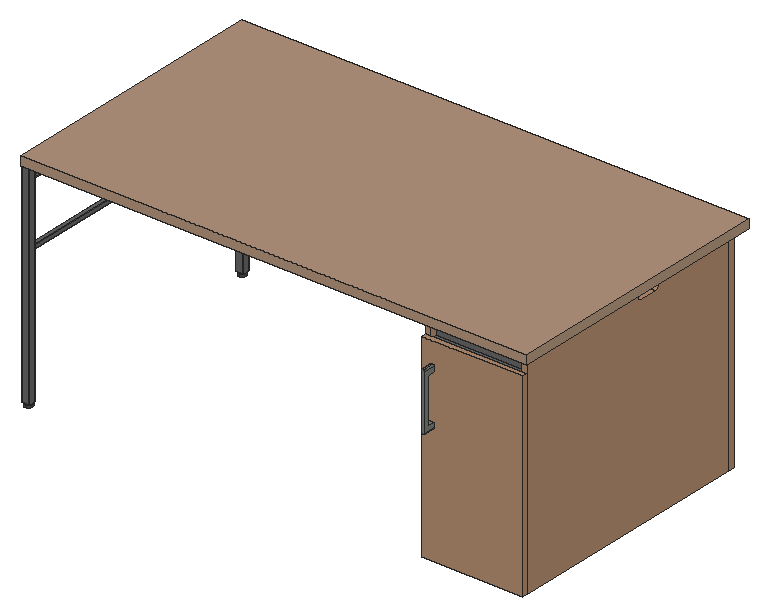
Revit family "Desks-Teknion-LWBDH_Byward_Desk_with_Hinged_Door-R2022", category Furniture, Revit 2022
Family settings
  OmniClass Number = 23.40.20.00
  OmniClass Title = General Furniture and Specialties
  Work Plane-Based = No
  Always vertical = Yes
  Cut with Voids When Loaded = No
  Render Appearance Source = Family Geometry
  Shared = Yes
  Room Calculation Point = No
Parameters (values of type "Modern Straight (ADA)")
  Worksurface Finish [instance] = Source Laminate - Teknion - 3M - Provincial Oak (Cross Grain)
  Width [instance] = 66.000"
  Warranty = "http://www.teknion.com/ca/papers/legal-canada"
  Unit Weight URL = "http://www.teknion.com/ca/tools/assets#&asset=bee6a381-b954-425e-8283-5a2de3a804f2,f828d448-4b62-4231-9e5f-9a8991c0ed77"
  URL = "www.teknion.com"
  To render please download texture images found here [instance] = "https://assets.teknion.com/web/5e81352c1dfdb467/revit-material-swatches/"
  Sustainability Data = "https://www.teknion.com/ca/tools/assets#&topic=216f99a5-57a0-44fc-b10a-9dee9b29ae4c&asset=444deb64-fe58-4b68-981e-f75e97781df7,b4ff2d81-9f2e-437d-9659-7cffb09c31cf"
  Series = "Byward"  # constant formula
  Rectangular Pull Handle = no
  Modesty panel [instance] = if(Depth = 24.000", 4.250", if(Depth = 30.000", 8.000", if(Depth = 36.000", 12.000", 12.000")))  # 12.000"
  Modesty & Cabinet Finish [instance] = Foundation Laminate - Teknion - YA - Anigre
  Modern Straight (ADA) Handle = yes
  Metal Leg Finish = Paint-Teknion-23-Z-Foundation-Foundry Onyx
  Journal Pull Handle = no
  Product Page URL = "https://www.teknion.com/ca/products/product-details?productLineId=87d0476f-8e7a-673b-a6c8-ff05004460c4"
  Product Line = "Byward"  # constant formula
  Product Documentation Link = "https://assets.teknion.com/m/d3f7903c0f9c31f/original/Byward-Reference-Guide.pdf"
  Part Number = "LWBDP"  # constant formula
  Model = "LWBDP_____"
  Metal Tab = 6.783"
  Manufacturer Phone = "416-661-3370"  # constant formula
  Manufacturer Fax = "416.661.4586"  # constant formula
  Manufacturer Contact Information = "http://www.teknion.com/ca/contactus"
  Manufacturer Address = "1150 Flint Road, Toronto, ON. M3J 2J5. Canada"  # constant formula
  Manufacturer = "Teknion"  # constant formula
  Byward Tab Handle = no
  Byward Pull Handle = no
  How To Use Teknion Materials User Guide [instance] = "https://assets.teknion.com/m/205dd0a49fa58060/original/How-to-add-a-Material-Library-and-Texture-Images-to-your-Revit-project.pdf"
  Handle Paint Finish [instance] = Paint - Teknion - Mica - Anthracite
  Handle Leather Finish [instance] = Leather-Teknion-N68-Natural
  Handle Finish Note [instance] = "If Natural Leather is specified for the Handle Leather Finish, choose Anthracite for the Handle Paint Finish. If Black Leather is specified for the Handle Leather Finish, choose Titanium Grey for the Handle Paint Finish."  # constant formula
  For Additional Finishes please visit [instance] = "https://assets.teknion.com/m/44a8009b046e5d47/original/Teknion_Materials_Library.zip"
  Description = "Byward Desk with Hinged Door, Modern Straight (ADA) Handle"
  Depth [instance] = 36.000"
  Default Elevation = 0.000"
  Available Widths [instance] = "54\", 60\", 66\" and 72\""  # constant formula
  Available Depth [instance] = "24\", 30\" and 36\""  # constant formula
  Assembly Code = "E2020200"
Reference planes (in)
  plane 1 "Center Front/Back": y = 0
  plane 2: z = 0
  plane 3 "Center Left/Right": x = 0
  plane 4 "Left": x = -33
  plane 5 "Right": x = 33
  plane 6 "Back": y = 18
  plane 7 "Front": y = -18
  plane 8 "Top": z = 29.185
  plane 9: y = 15.812
  plane 10: y = -15.63529
  plane 11: y = 0.14424
  plane 12 "Wheel Center": z = 0.7874
Forms (in)
  Sweep 1, solid, material "Source Laminate - Teknion - 3M - Provincial Oak (Cross Grain)" <- "Worksurface Finish"
    path origin (0, 0, 0) x (1, 0, 0) y (0, 0, 1)
      loop
        line (0, 27.9995) -> (0, 29.185)
    profile origin (0, 0, 28.59225) x (-1, 0, 0) y (0, -1, 0)
      loop
        line (33, 18) -> (-33, 18) -> (-33, -18) -> (33, -18) -> (33, 18)
  Sweep 2, solid, material "Foundation Laminate - Teknion - YA - Anigre" <- "Modesty & Cabinet Finish"
    path origin (0, 0, 0) x (1, 0, 0) y (0, 1, 0)
      loop
        line (0, 6) -> (0, 4.94)
    profile origin (0, 5.47, 0) x (1, 0, 0) y (0, 0, 1)
      loop
        line (-31.9, 17.9995) -> (18.9941, 17.9995) -> (18.9941, 27.9995) -> (5, 27.9995)
        arc (5, 27.9995) -> (4.03175, 27.83895) -> (3.16714, 27.3745) r 3
        arc (3.16714, 27.3745) -> (2.30253, 26.91005) -> (1.33428, 26.7495) r 3
        line (1.33428, 26.7495) -> (-1.33428, 26.7495)
        arc (-1.33428, 26.7495) -> (-2.30253, 26.91005) -> (-3.16714, 27.3745) r 3
        arc (-3.16714, 27.3745) -> (-4.03175, 27.83895) -> (-5, 27.9995) r 3
        line (-5, 27.9995) -> (-27.25208, 27.9995)
        arc (-27.25208, 27.9995) -> (-27.86446, 27.93634) -> (-28.45104, 27.7495) r 3
        arc (-28.45104, 27.7495) -> (-29.03763, 27.56266) -> (-29.65, 27.4995) r 3
        line (-29.65, 27.4995) -> (-31.9, 27.4995) -> (-31.9, 17.9995)
  Sweep 3, solid, material "Foundation Laminate - Teknion - YA - Anigre" <- "Modesty & Cabinet Finish"
    path origin (0, 0, 0) x (1, 0, 0) y (0, 1, 0)
      loop
        line (19, 0) -> (19.6875, 0)
    profile origin (19.34375, 0, 0) x (0, 1, 0) y (0, 0, 1)
      loop
        line (15.812, 27.9995) -> (4.42, 27.9995) -> (4.42, 27.2495)
        arc (4.42, 27.2495) -> (4.27355, 26.89595) -> (3.92, 26.7495) r 0.5
        line (3.92, 26.7495) -> (1.42, 26.7495)
        arc (1.42, 26.7495) -> (1.06645, 26.89595) -> (0.92, 27.2495) r 0.5
        line (0.92, 27.2495) -> (0.92, 27.9995) -> (-17, 27.9995) -> (-17, 0.4995) -> (15.812, 0.4995) -> (15.812, 27.9995)
  Sweep 4, solid, material "Paint-Teknion-23-Z-Foundation-Foundry Onyx" <- "Metal Leg Finish"
    path origin (0, 0, 0) x (1, 0, 0) y (0, 0, 1)
      loop
        line (0, 0.4375) -> (0, 27.9995)
    profile origin (0, 0, 14.2185) x (-1, 0, 0) y (0, -1, 0)
      loop
        arc (32.81, 16.9) -> (32.87364, 16.92636) -> (32.9, 16.99) r 0.09
        line (32.9, 16.99) -> (32.9, 17.81)
        arc (32.9, 17.81) -> (32.87364, 17.87364) -> (32.81, 17.9) r 0.09
        line (32.81, 17.9) -> (31.99, 17.9)
        arc (31.99, 17.9) -> (31.92636, 17.87364) -> (31.9, 17.81) r 0.09
        line (31.9, 17.81) -> (31.9, 16.99)
        arc (31.9, 16.99) -> (31.92636, 16.92636) -> (31.99, 16.9) r 0.09
        line (31.99, 16.9) -> (32.81, 16.9)
      loop
        arc (32.81, -17.9) -> (32.87364, -17.87364) -> (32.9, -17.81) r 0.09
        line (32.9, -17.81) -> (32.9, -16.99)
        arc (32.9, -16.99) -> (32.87364, -16.92636) -> (32.81, -16.9) r 0.09
        line (32.81, -16.9) -> (31.99, -16.9)
        arc (31.99, -16.9) -> (31.92636, -16.92636) -> (31.9, -16.99) r 0.09
        line (31.9, -16.99) -> (31.9, -17.81)
        arc (31.9, -17.81) -> (31.92636, -17.87364) -> (31.99, -17.9) r 0.09
        line (31.99, -17.9) -> (32.81, -17.9)
  Sweep 5, solid, material "Paint-Teknion-23-Z-Foundation-Foundry Onyx" <- "Metal Leg Finish"
    path origin (0, 0, 0) x (1, 0, 0) y (0, 1, 0)
      loop
        line (0, -16.9) -> (0, 16.9)
    profile origin (0, 0, 0) x (-1, 0, 0) y (0, 0, 1)
      loop
        arc (32.1775, 18.5935) -> (32.11386, 18.56714) -> (32.0875, 18.5035) r 0.09
        line (32.0875, 18.5035) -> (32.0875, 18.0585)
        arc (32.0875, 18.0585) -> (32.11386, 17.99486) -> (32.1775, 17.9685) r 0.09
        line (32.1775, 17.9685) -> (32.6225, 17.9685)
        arc (32.6225, 17.9685) -> (32.68614, 17.99486) -> (32.7125, 18.0585) r 0.09
        line (32.7125, 18.0585) -> (32.7125, 18.5035)
        arc (32.7125, 18.5035) -> (32.68614, 18.56714) -> (32.6225, 18.5935) r 0.09
        line (32.6225, 18.5935) -> (32.1775, 18.5935)
  Sweep 6, solid, material "Paint-Teknion-23-Z-Foundation-Foundry Onyx"
    path origin (0, 0, 0) x (1, 0, 0) y (0, 0, 1)
      loop
        line (0, 17.9085) -> (0, 17.9685)
    profile origin (0, 0, 17.9385) x (-1, 0, 0) y (0, -1, 0)
      loop
        line (30.744, -6) -> (32.181, -6) -> (32.181, -6.1875)
        arc (32.181, -6.1875) -> (32.21761, -6.27589) -> (32.306, -6.3125) r 0.125
        line (32.306, -6.3125) -> (32.494, -6.3125)
        arc (32.494, -6.3125) -> (32.58239, -6.27589) -> (32.619, -6.1875) r 0.125
        line (32.619, -6.1875) -> (32.619, -4.9375)
        arc (32.619, -4.9375) -> (32.58239, -4.84911) -> (32.494, -4.8125) r 0.125
        line (32.494, -4.8125) -> (32.306, -4.8125)
        arc (32.306, -4.8125) -> (32.21761, -4.84911) -> (32.181, -4.9375) r 0.125
        line (32.181, -4.9375) -> (32.181, -5.125) -> (30.744, -5.125)
        arc (30.744, -5.125) -> (30.65561, -5.16161) -> (30.619, -5.25) r 0.125
        line (30.619, -5.25) -> (30.619, -5.875)
        arc (30.619, -5.875) -> (30.65561, -5.96339) -> (30.744, -6) r 0.125
  Sweep 7, solid, material "Paint-Teknion-23-Z-Foundation-Foundry Onyx"
    path origin (0, 0, 0) x (1, 0, 0) y (0, 1, 0)
      loop
        line (0, -16.9) -> (0, 16.9)
    profile origin (0, 0, 0) x (-1, 0, 0) y (0, 0, 1)
      loop
        line (32.7125, 26.25) -> (32.7125, 27.857)
        arc (32.7125, 27.857) -> (32.634, 28.0465) -> (32.4445, 28.125) r 0.268
        line (32.4445, 28.125) -> (28.4625, 28.125) -> (28.4625, 27.991) -> (32.4445, 27.991)
        arc (32.4445, 27.991) -> (32.53925, 27.95175) -> (32.5785, 27.857) r 0.134
        line (32.5785, 27.857) -> (32.5785, 26.384) -> (32.176, 26.384) -> (32.176, 26.25) -> (32.7125, 26.25)
  Sweep 8, void
    path origin (0, 0, 0) x (1, 0, 0) y (0, 0, 1)
      loop
        line (0, 28.125) -> (0, 26.625)
    profile origin (0, 0, 27.375) x (0, -1, 0) y (1, 0, 0)
      loop
        arc (-15.78962, -29.37162) -> (-15.23664, -28.71024) -> (-14.41091, -28.4625) r 1.5
        line (-14.41091, -28.4625) -> (-16.9, -28.4625) -> (-16.9, -31.9625) -> (-15.78962, -29.37162)
      loop
        line (16.9, -31.9625) -> (16.9, -28.4625) -> (14.41091, -28.4625)
        arc (14.41091, -28.4625) -> (15.23664, -28.71024) -> (15.78962, -29.37162) r 1.5
        line (15.78962, -29.37162) -> (16.9, -31.9625)
  Sweep 9, solid, material "Paint-Teknion-23-Z-Foundation-Foundry Onyx"
    path origin (0, 0, 0) x (1, 0, 0) y (0, 1, 0)
      loop
        line (0, 14.365) -> (0, 14.231)
    profile origin (0, 14.298, 0) x (1, 0, 0) y (0, 0, 1)
      loop
        line (-32.3905, 26.491) -> (-29.5785, 27.803) -> (-29.5785, 27.991) -> (-31.0155, 27.991) -> (-31.0155, 28.085) -> (-31.3905, 28.085) -> (-31.3905, 27.991) -> (-32.3905, 27.991) -> (-32.5785, 27.803) -> (-32.5785, 26.491) -> (-32.3905, 26.491)
  Sweep 10, solid, material "Paint-Teknion-23-Z-Foundation-Foundry Onyx"
    path origin (0, 0, 0) x (1, 0, 0) y (0, 1, 0)
      loop
        line (0, -14.365) -> (0, -14.231)
    profile origin (0, -14.298, 0) x (-1, 0, 0) y (0, 0, 1)
      loop
        line (32.3905, 26.491) -> (32.5785, 26.491) -> (32.5785, 27.803) -> (32.3905, 27.991) -> (31.3905, 27.991) -> (31.3905, 28.085) -> (31.0155, 28.085) -> (31.0155, 27.991) -> (29.5785, 27.991) -> (29.5785, 27.803) -> (32.3905, 26.491)
  Sweep 11, solid, material "Plastic - Teknion - E - Ebony"
    path origin (0, 0, 0) x (1, 0, 0) y (0, 0, 1)
      loop
        line (0, 0.215) -> (0, 0)
    profile origin (0, 0, 0.1075) x (0, -1, 0) y (1, 0, 0)
      loop
        circle (17.4, -32.4) r 0.5
      loop
        circle (-17.4, -32.4) r 0.5
      loop
        circle (-15.01411, 20.48147) r 0.5
      loop
        circle (15.51681, 20.48538) r 0.5
      loop
        circle (-15.01456, 30.76634) r 0.5
      loop
        circle (15.51681, 30.76462) r 0.5
  Sweep 12, solid, material "Plastic - Teknion - E - Ebony"
    path origin (0, 0, 0) x (1, 0, 0) y (0, 0, 1)
      loop
        line (0, 0.215) -> (0, 0.4375)
    profile origin (0, 0, 0.32625) x (-1, 0, 0) y (0, -1, 0)
      loop
        line (32.715, 17.21813) -> (32.715, 17.58187) -> (32.4, 17.76373) -> (32.085, 17.58187) -> (32.085, 17.21813) -> (32.4, 17.03627) -> (32.715, 17.21813)
      loop
        line (32.715, -17.58187) -> (32.715, -17.21813) -> (32.4, -17.03627) -> (32.085, -17.21813) -> (32.085, -17.58187) -> (32.4, -17.76373) -> (32.715, -17.58187)
      loop
        line (-20.16925, -15.19752) -> (-20.16925, -14.83379) -> (-20.48425, -14.65193) -> (-20.79925, -14.83379) -> (-20.79925, -15.19752) -> (-20.48425, -15.37939) -> (-20.16925, -15.19752)
      loop
        line (-20.16835, 15.33418) -> (-20.16835, 15.69791) -> (-20.48335, 15.87977) -> (-20.79835, 15.69791) -> (-20.79835, 15.33418) -> (-20.48335, 15.15231) -> (-20.16835, 15.33418)
      loop
        line (-30.45839, -15.19534) -> (-30.45839, -14.83161) -> (-30.77339, -14.64974) -> (-31.08839, -14.83161) -> (-31.08839, -15.19534) -> (-30.77339, -15.3772) -> (-30.45839, -15.19534)
      loop
        line (-31.08024, 15.33418) -> (-30.76524, 15.15231) -> (-30.45024, 15.33418) -> (-30.45024, 15.69791) -> (-30.76524, 15.87977) -> (-31.08024, 15.69791) -> (-31.08024, 15.33418)
  Sweep 13, solid, material "Foundation Laminate - Teknion - YA - Anigre" <- "Modesty & Cabinet Finish"
    path origin (0, 0, 0) x (1, 0, 0) y (0, 0, 1)
      loop
        line (0, 0.4995) -> (0, 27.9995)
    profile origin (0, 0, 14.2495) x (-1, 0, 0) y (0, -1, 0)
      loop
        line (-32.25, -16.5) -> (-19, -16.5) -> (-19, -15.812) -> (-32.25, -15.812) -> (-32.25, -16.5)
  Sweep 14, solid, material "Foundation Laminate - Teknion - YA - Anigre" <- "Modesty & Cabinet Finish"
    path origin (0, 0, 0) x (1, 0, 0) y (0, 1, 0)
      loop
        line (0, -14) -> (0, 15.7925)
    profile origin (0, 0.89625, 0) x (-1, 0, 0) y (0, 0, 1)
      loop
        line (-31.5625, 20.01722) -> (-31.5625, 19.3125) -> (-19.6875, 19.3125) -> (-19.6875, 20.01722) -> (-31.5625, 20.01722)
  Sweep 15, solid, material "Foundation Laminate - Teknion - YA - Anigre" <- "Modesty & Cabinet Finish"
    path origin (0, 0, 0) x (1, 0, 0) y (0, 1, 0)
      loop
        line (0, -17.72737) -> (0, -17.03937)
    profile origin (0, -17.38337, 0) x (-1, 0, 0) y (0, 0, 1)
      loop
        line (-32.21063, 26.25) -> (-32.21063, 0.53937) -> (-19.03937, 0.53937) -> (-19.03937, 26.25) -> (-32.21063, 26.25)
  Sweep 16, solid, material "Paint-Teknion-23-Z-Foundation-Foundry Onyx"
    path origin (0, 0, 0) x (1, 0, 0) y (0, 1, 0)
      loop
        line (19.7075, 0) -> (31.5425, 0)
    profile origin (25.625, 0, 0) x (0, 1, 0) y (0, 0, 1)
      loop
        line (-15.25437, 27.9995) -> (-16.25437, 27.9995) -> (-16.25437, 26) -> (-17.03937, 26) -> (-17.03937, 25.94) -> (-16.19437, 25.94) -> (-16.19437, 27.9395) -> (-15.25437, 27.9395) -> (-15.25437, 27.9995)
  Sweep 17, solid, material "Leather-Teknion-N68-Natural" <- "Handle Leather Finish", visible <- "Byward Pull Handle"
    path origin (0, 6.09972, 0.7874) x (0, -1, 0) y (1, 0, 0)
      loop
        line (6, 19.941) -> (6, 20.941)
    profile origin (20.441, 0.09972, 0.7874) x (0, 1, 0) y (0, 0, 1)
      loop
        line (-18.1947, 15.89549) -> (-18.1947, 15.19814)
        arc (-18.1947, 15.19814) -> (-18.15679, 15.10663) -> (-18.06527, 15.06872) r 0.12943
        line (-18.06527, 15.06872) -> (-18.00913, 15.06872)
        arc (-18.00913, 15.06872) -> (-17.91544, 15.10879) -> (-17.8797, 15.20421) r 0.12956
        line (-17.8797, 15.20421) -> (-17.8797, 15.89549) -> (-17.97813, 15.89549) -> (-17.97813, 15.19814)
        arc (-17.97813, 15.19814) -> (-17.9872, 15.17622) -> (-18.00913, 15.16714) r 0.031
        line (-18.00913, 15.16714) -> (-18.06527, 15.16714)
        arc (-18.06527, 15.16714) -> (-18.0872, 15.17622) -> (-18.09627, 15.19814) r 0.031
        line (-18.09627, 15.19814) -> (-18.09627, 15.89549) -> (-18.11823, 16.46083)
        spline (-18.11823, 16.46083) -> (-18.1996, 17.12545) -> (-18.24784, 17.53202) -> (-18.27391, 17.78142) -> (-18.2887, 17.97395) -> (-18.29939, 18.17376) -> (-18.30725, 18.38749) -> (-18.31302, 18.61667) -> (-18.3155, 18.87083) -> (-18.3067, 19.18701) -> (-18.27717, 19.60814) -> (-18.2175, 20.17714) -> (-18.11823, 20.93695)
        line (-18.11823, 20.93695) -> (-18.0967, 21.50033) -> (-18.0967, 22.1985)
        arc (-18.0967, 22.1985) -> (-18.0875, 22.22072) -> (-18.06527, 22.22992) r 0.03143
        line (-18.06527, 22.22992) -> (-18.00913, 22.22992)
        arc (-18.00913, 22.22992) -> (-17.9869, 22.22072) -> (-17.9777, 22.1985) r 0.03143
        line (-17.9777, 22.1985) -> (-17.9777, 21.50158) -> (-17.8797, 21.50158) -> (-17.8797, 22.18392)
        arc (-17.8797, 22.18392) -> (-17.91216, 22.28504) -> (-18.00913, 22.32835) r 0.1302
        line (-18.00913, 22.32835) -> (-18.06527, 22.32835)
        arc (-18.06527, 22.32835) -> (-18.16224, 22.28504) -> (-18.1947, 22.18392) r 0.1302
        line (-18.1947, 22.18392) -> (-18.1947, 21.51146) -> (-18.21666, 20.93695)
        spline (-18.21666, 20.93695) -> (-18.31592, 20.17714) -> (-18.3756, 19.60814) -> (-18.40512, 19.18701) -> (-18.41393, 18.87083) -> (-18.41145, 18.61667) -> (-18.40567, 18.38749) -> (-18.39782, 18.17376) -> (-18.38713, 17.97395) -> (-18.37234, 17.78142) -> (-18.34627, 17.53202) -> (-18.29802, 17.12545) -> (-18.21666, 16.46083)
        line (-18.21666, 16.46083) -> (-18.1947, 15.89549)
  Sweep 18, solid, material "Paint - Teknion - Mica - Anthracite" <- "Handle Paint Finish", visible <- "Byward Pull Handle"
    path origin (0, 0, 0) x (1, 0, 0) y (0, 1, 0)
      loop
        line (19.941, -17.77998) -> (19.941, -18.09525) -> (20.941, -18.09525) -> (20.941, -17.77998)
    profile origin (20.441, -18.09525, 0) x (0, 1, 0) y (0, 0, 1)
      loop
        spline (-0.15539, 22.88984) -> (-0.15002, 22.84517) -> (-0.14562, 22.80093) -> (-0.1422, 22.75711) -> (-0.13975, 22.71372) -> (-0.13828, 22.67076) -> (-0.1378, 22.62822) -> (-0.13828, 22.58611) -> (-0.13975, 22.54443) -> (-0.1422, 22.50318) -> (-0.14562, 22.46235) -> (-0.15002, 22.42195) -> (-0.15539, 22.38198)
        line (-0.15539, 22.38198) -> (-0.09815, 22.38048) -> (-0.09815, 22.30226) -> (-0.02024, 22.30022) -> (-0.02024, 22.97161) -> (-0.09815, 22.96957) -> (-0.09815, 22.89134) -> (-0.15539, 22.88984)
      loop
        spline (-0.15539, 16.59107) -> (-0.15002, 16.5464) -> (-0.14562, 16.50215) -> (-0.1422, 16.45834) -> (-0.13975, 16.41495) -> (-0.13828, 16.37198) -> (-0.1378, 16.32945) -> (-0.13828, 16.28734) -> (-0.13975, 16.24566) -> (-0.1422, 16.20441) -> (-0.14562, 16.16358) -> (-0.15002, 16.12318) -> (-0.15539, 16.08321)
        line (-0.15539, 16.08321) -> (-0.09815, 16.08171) -> (-0.09815, 16.00349) -> (-0.02024, 16.00145) -> (-0.02024, 16.67284) -> (-0.09815, 16.6708) -> (-0.09815, 16.59257) -> (-0.15539, 16.59107)
  Sweep 19, solid, material "Paint - Teknion - Mica - Anthracite" <- "Handle Paint Finish", visible <- "Modern Straight (ADA) Handle"
    path origin (38.97093, -11.29266, -12.23994) x (1, 0, 0) y (0, 1, 0)
      loop
        line (-18.52993, -7.88594) -> (-18.52993, -6.48732)
    profile origin (20.441, -18.47929, -12.23994) x (-1, 0, 0) y (0, 0, 1)
      loop
        arc (0.07877, 28.24016) -> (0.1901, 28.28627) -> (0.23622, 28.39761) r 0.15745
        line (0.23622, 28.39761) -> (0.23622, 35.60239)
        arc (0.23622, 35.60239) -> (0.1901, 35.71373) -> (0.07877, 35.75984) r 0.15745
        line (0.07877, 35.75984) -> (-0.07877, 35.75984)
        arc (-0.07877, 35.75984) -> (-0.1901, 35.71373) -> (-0.23622, 35.60239) r 0.15745
        line (-0.23622, 35.60239) -> (-0.23622, 28.39761)
        arc (-0.23622, 28.39761) -> (-0.1901, 28.28627) -> (-0.07877, 28.24016) r 0.15745
        line (-0.07877, 28.24016) -> (0.07877, 28.24016)
  Sweep 20, void
    path origin (38.97093, -11.29266, -12.23994) x (1, 0, 0) y (0, 1, 0)
      loop
        line (-18.77993, -6.48732) -> (-18.27993, -6.48732)
    profile origin (20.441, -17.77998, -12.23994) x (0, 1, 0) y (0, 0, 1)
      loop
        line (-1.02362, 34.6585) -> (-1.02362, 29.3415)
        arc (-1.02362, 29.3415) -> (-0.93865, 29.13636) -> (-0.7335, 29.05138) r 0.29012
        line (-0.7335, 29.05138) -> (0, 29.03858) -> (0, 34.96142) -> (-0.7335, 34.94862)
        arc (-0.7335, 34.94862) -> (-0.93865, 34.86364) -> (-1.02362, 34.6585) r 0.29012
  Sweep 21, solid, material "Paint - Teknion - Mica - Anthracite" <- "Handle Paint Finish", visible <- "Rectangular Pull Handle"
    path origin (34.74926, -7.77998, -12.21149) x (1, 0, 0) y (0, 0, 1)
      loop
        line (-13.94639, 35.5) -> (-13.94639, 28.5)
    profile origin (20.80287, -7.77998, 19.78851) x (0, -1, 0) y (1, 0, 0)
      loop
        line (10.75, -0.11187) -> (10, -0.10533) -> (10, -0.61842) -> (10.75, -0.61187) -> (10.75, -0.11187)
  Sweep 22, void
    path origin (34.74926, -7.77998, -12.21149) x (1, 0, 0) y (0, 0, 1)
      loop
        line (-13.94639, 29.67539) -> (-13.94639, 34.32461)
    profile origin (20.80287, -7.77998, 19.78851) x (-1, 0, 0) y (0, -1, 0)
      loop
        arc (0.54231, 10.68) -> (0.30055, 10.65778) -> (0.08031, 10.55562) r 0.71197
        line (0.08031, 10.55562) -> (0.08031, 10) -> (0.54824, 10) -> (0.54231, 10.68)
  Sweep 23, solid, material "Paint - Teknion - Mica - Anthracite" <- "Handle Paint Finish", visible <- "Journal Pull Handle"
    path origin (36.26667, -11.31314, -11.07342) x (1, 0, 0) y (0, 1, 0)
      loop
        line (-17.2273, -6.47345) -> (-17.06727, -6.47345)
    profile origin (19.11939, -17.78659, -11.07342) x (0, 1, 0) y (0, 0, 1)
      loop
        line (-0.72565, 36.17469) -> (-0.72565, 27.82531)
        spline (-0.72565, 27.82531) -> (-0.72292, 27.78358) -> (-0.71476, 27.74256) -> (-0.70132, 27.70296) -> (-0.68282, 27.66545) -> (-0.65959, 27.63068) -> (-0.63202, 27.59923) -> (-0.60058, 27.57166) -> (-0.56581, 27.54842) -> (-0.52831, 27.52992) -> (-0.48871, 27.51648) -> (-0.4477, 27.50832) -> (-0.40597, 27.50559)
        line (-0.40597, 27.50559) -> (0.71134, 27.50559) -> (0.71134, 36.49441) -> (-0.40599, 36.49441)
        spline (-0.40599, 36.49441) -> (-0.44771, 36.49168) -> (-0.48872, 36.48352) -> (-0.52832, 36.47008) -> (-0.56582, 36.45158) -> (-0.60059, 36.42834) -> (-0.63202, 36.40077) -> (-0.65959, 36.36932) -> (-0.68283, 36.33455) -> (-0.70132, 36.29704) -> (-0.71476, 36.25744) -> (-0.72292, 36.21642) -> (-0.72565, 36.17469)
  Sweep 24, solid, material "Paint - Teknion - Mica - Anthracite" <- "Handle Paint Finish", visible <- "Byward Tab Handle"
    path origin (-0.00015, 0, 0) x (1, 0, 0) y (0, 1, 0)
      loop
        line (19.941, -17.77998) -> (19.941, -18.09525) -> (20.941, -18.09525) -> (20.941, -17.77998)
    profile origin (20.44085, -18.09525, 0) x (0, 1, 0) y (0, 0, 1)
      loop
        spline (-0.15539, 22.88984) -> (-0.15002, 22.84517) -> (-0.14562, 22.80093) -> (-0.1422, 22.75711) -> (-0.13975, 22.71372) -> (-0.13828, 22.67076) -> (-0.1378, 22.62822) -> (-0.13828, 22.58611) -> (-0.13975, 22.54443) -> (-0.1422, 22.50318) -> (-0.14562, 22.46235) -> (-0.15002, 22.42195) -> (-0.15539, 22.38198)
        line (-0.15539, 22.38198) -> (-0.09815, 22.38048) -> (-0.09815, 22.30226) -> (-0.02024, 22.30022) -> (-0.02024, 22.97161) -> (-0.09815, 22.96957) -> (-0.09815, 22.89134) -> (-0.15539, 22.88984)
  Sweep 25, solid, material "Leather-Teknion-N68-Natural" <- "Handle Leather Finish", visible <- "Byward Tab Handle"
    path origin (-0.00015, 6.09972, 0.7874) x (0, -1, 0) y (1, 0, 0)
      loop
        line (6, 19.941) -> (6, 20.941)
    profile origin (20.44085, 0.09972, 0.7874) x (0, 1, 0) y (0, 0, 1)
      loop
        line (-17.98813, 22.15098) -> (-18.08655, 22.15098) -> (-18.08655, 19.82815)
        arc (-18.08655, 19.82815) -> (-18.36316, 19.55154) -> (-18.63977, 19.82815) r 0.27661
        arc (-18.63977, 19.82815) -> (-18.58844, 20.19397) -> (-18.43839, 20.53154) r 1.32907
        arc (-18.43839, 20.53154) -> (-18.37688, 20.61898) -> (-18.31918, 20.70897) r 2.49364
        arc (-18.31918, 20.70897) -> (-18.15308, 21.08978) -> (-18.09655, 21.50138) r 1.51654
        line (-18.09655, 21.50138) -> (-18.09655, 22.19872)
        arc (-18.09655, 22.19872) -> (-18.08747, 22.22064) -> (-18.06555, 22.22972) r 0.031
        line (-18.06555, 22.22972) -> (-18.00913, 22.22972)
        arc (-18.00913, 22.22972) -> (-17.9872, 22.22064) -> (-17.97813, 22.19872) r 0.031
        line (-17.97813, 22.19872) -> (-17.97813, 21.50158) -> (-17.8797, 21.50158) -> (-17.8797, 22.22198)
        arc (-17.8797, 22.22198) -> (-17.92617, 22.2973) -> (-18.00913, 22.32815) r 0.13618
        line (-18.00913, 22.32815) -> (-18.06555, 22.32815)
        arc (-18.06555, 22.32815) -> (-18.15707, 22.29024) -> (-18.19498, 22.19872) r 0.12943
        line (-18.19498, 22.19872) -> (-18.19498, 21.50129)
        arc (-18.19498, 21.50129) -> (-18.26026, 21.07727) -> (-18.45006, 20.69253) r 1.40962
        arc (-18.45006, 20.69253) -> (-18.60503, 20.4187) -> (-18.70483, 20.12031) r 1.63968
        arc (-18.70483, 20.12031) -> (-18.72978, 19.97517) -> (-18.73813, 19.82815) r 1.29857
        arc (-18.73813, 19.82815) -> (-18.36313, 19.45315) -> (-17.98813, 19.82815) r 0.375
        line (-17.98813, 19.82815) -> (-17.98813, 22.15098)
  Sweep 26, solid, material "Foundation Laminate - Teknion - YA - Anigre" <- "Modesty & Cabinet Finish"
    path origin (57.25, 0, 0) x (-1, 0, 0) y (0, -1, 0)
      loop
        line (25, 0) -> (25.6875, 0)
    profile origin (31.90625, 0, 0) x (0, -1, 0) y (0, 0, 1)
      loop
        line (-15.812, 27.9995) -> (-15.812, 0.4995) -> (17.01969, 0.4995) -> (17.01969, 27.9995) -> (-0.92, 27.9995) -> (-0.92, 27.2495)
        arc (-0.92, 27.2495) -> (-1.06645, 26.89595) -> (-1.42, 26.7495) r 0.5
        line (-1.42, 26.7495) -> (-3.92, 26.7495)
        arc (-3.92, 26.7495) -> (-4.27355, 26.89595) -> (-4.42, 27.2495) r 0.5
        line (-4.42, 27.2495) -> (-4.42, 27.9995) -> (-15.812, 27.9995)
  Sweep 27, solid, material "Foundation Laminate - Teknion - YA - Anigre" <- "Modesty & Cabinet Finish"
    path origin (0, 0, 0) x (1, 0, 0) y (0, 1, 0)
      loop
        line (33, 15.812) -> (33, -17.01969)
    profile origin (33, -0.60384, 0) x (1, 0, 0) y (0, 0, 1)
      loop
        line (-1.4385, 1.56) -> (-13.3125, 1.56) -> (-13.3125, 0.5) -> (-1.4385, 0.5) -> (-1.4385, 1.56)
Cuts and joins
  Sweep 8 cuts Sweep 7
  Sweep 20 cuts Sweep 1
  Sweep 20 cuts Sweep 19
  Sweep 22 cuts Sweep 21
Lines and regions (in)
  Masking region 1
    outline origin (0, 0, 0) x (1, 0, 0) y (0, 1, 0)
      loop
        line (-33, 18) -> (-33, -18) -> (33, -18) -> (33, 18) -> (-33, 18)
  Masking region 2, visible <- "Modern Straight (ADA) Handle"
    outline origin (0, 0, 0) x (1, 0, 0) y (0, 1, 0)
      loop
        line (20.67722, -19.1786) -> (20.67722, -17.77998) -> (20.20478, -17.77998) -> (20.20478, -19.1786) -> (20.67722, -19.1786)
  Masking region 3, visible <- "Rectangular Pull Handle"
    outline origin (0, 0, 0) x (1, 0, 0) y (0, 1, 0)
      loop
        line (20.18445, -17.77998) -> (20.191, -18.52998) -> (20.691, -18.52998) -> (20.69755, -17.77998) -> (20.18445, -17.77998)
  Masking region 4, visible <- "Byward Pull Handle"
    outline origin (0, 0, 0) x (1, 0, 0) y (0, 1, 0)
      loop
        line (19.78841, -17.77998) -> (19.78841, -18.25065) -> (19.941, -18.25065) -> (19.941, -18.3142) -> (20.941, -18.3142) -> (20.941, -18.25065) -> (21.09359, -18.25065) -> (21.09359, -17.77998) -> (19.78841, -17.77998)
  Masking region 5, visible <- "Journal Pull Handle"
    outline origin (0, 0, 0) x (1, 0, 0) y (0, 1, 0)
      loop
        line (19.1994, -18.51225) -> (19.1994, -17.07525) -> (19.03937, -17.07525) -> (19.03937, -18.51225) -> (19.1994, -18.51225)
  Masking region 6, visible <- "Byward Tab Handle"
    outline origin (0, 0, 0) x (1, 0, 0) y (0, 1, 0)
      loop
        line (19.78841, -17.77998) -> (19.78841, -18.25065) -> (19.94085, -18.25065) -> (19.94085, -18.6384) -> (20.94085, -18.6384) -> (20.94085, -18.25065) -> (21.09359, -18.25065) -> (21.09359, -17.77998) -> (19.78841, -17.77998)
  reference lines
    curve 1: line (33, 18, 0) -> (33, -18, 0)
    curve 2: line (-33, -18, 0) -> (33, -18, 0)
    curve 3: line (-33, 18, 0) -> (-33, -18, 0)
    curve 4: line (-33, 18, 0) -> (33, 18, 0)
  symbolic lines, style "FurnitureHiddenLines", detail levels fine
    curve 5: arc (-32.4, 17.9, 0) -> (-32.9, 17.4, 0) -> (-32.4, 16.9, 0) r 0.5
    curve 6: arc (-32.4, 16.9, 0) -> (-31.9, 17.4, 0) -> (-32.4, 17.9, 0) r 0.5
    curve 7: arc (-32.4, -17.9, 0) -> (-31.9, -17.4, 0) -> (-32.4, -16.9, 0) r 0.5
    curve 8: arc (-32.4, -16.9, 0) -> (-32.9, -17.4, 0) -> (-32.4, -17.9, 0) r 0.5
    curve 40: arc (20.48147, 15.51411, 0) -> (19.98147, 15.01411, 0) -> (20.48147, 14.51411, 0) r 0.5
    curve 41: arc (20.48147, 14.51411, 0) -> (20.98147, 15.01411, 0) -> (20.48147, 15.51411, 0) r 0.5
    curve 42: arc (20.48538, -15.01681, 0) -> (19.98538, -15.51681, 0) -> (20.48538, -16.01681, 0) r 0.5
    curve 43: arc (20.48538, -16.01681, 0) -> (20.98538, -15.51681, 0) -> (20.48538, -15.01681, 0) r 0.5
    curve 44: arc (30.76634, 14.51456, 0) -> (31.26634, 15.01456, 0) -> (30.76634, 15.51456, 0) r 0.5
    curve 45: arc (30.76634, 15.51456, 0) -> (30.26634, 15.01456, 0) -> (30.76634, 14.51456, 0) r 0.5
    curve 52: line (31.5425, -15.25437, 0) -> (19.6875, -15.25437, 0)
    curve 53: line (31.5425, -16.25437, 0) -> (31.5425, -15.25437, 0)
    curve 54: line (19.6875, -16.25437, 0) -> (31.5425, -16.25437, 0)
    curve 55: line (31.5425, -16.19437, 0) -> (19.6875, -16.19437, 0)
    curve 56: line (-32.5785, -16.9, 0) -> (-32.5785, 16.9, 0)
    curve 57: line (-29.5785, -14.231, 0) -> (-32.5785, -14.231, 0)
    curve 58: line (-29.5785, -14.365, 0) -> (-32.5785, -14.365, 0)
    curve 59: line (-29.5785, -14.365, 0) -> (-29.5785, -14.231, 0)
    curve 60: line (-32.5785, 14.365, 0) -> (-29.5785, 14.365, 0)
    curve 61: line (-32.5785, 14.231, 0) -> (-29.5785, 14.231, 0)
    curve 62: line (-29.5785, 14.231, 0) -> (-29.5785, 14.365, 0)
    curve 63: line (-30.744, 6, 0) -> (-32.181, 6, 0)
    curve 64: line (-32.181, 6, 0) -> (-32.181, 6.1875, 0)
    curve 65: arc (-32.181, 6.1875, 0) -> (-32.21761, 6.27589, 0) -> (-32.306, 6.3125, 0) r 0.125
    curve 66: line (-32.306, 6.3125, 0) -> (-32.494, 6.3125, 0)
    curve 67: arc (-32.494, 6.3125, 0) -> (-32.58239, 6.27589, 0) -> (-32.619, 6.1875, 0) r 0.125
    curve 68: line (-32.619, 6.1875, 0) -> (-32.619, 4.9375, 0)
    curve 69: arc (-32.619, 4.9375, 0) -> (-32.58239, 4.84911, 0) -> (-32.494, 4.8125, 0) r 0.125
    curve 70: line (-32.494, 4.8125, 0) -> (-32.306, 4.8125, 0)
    curve 71: arc (-32.306, 4.8125, 0) -> (-32.21761, 4.84911, 0) -> (-32.181, 4.9375, 0) r 0.125
    curve 72: line (-32.181, 4.9375, 0) -> (-32.181, 5.125, 0)
    curve 73: line (-32.181, 5.125, 0) -> (-30.744, 5.125, 0)
    curve 74: arc (-30.744, 5.125, 0) -> (-30.65561, 5.16161, 0) -> (-30.619, 5.25, 0) r 0.125
    curve 75: line (-30.619, 5.25, 0) -> (-30.619, 5.875, 0)
    curve 76: arc (-30.619, 5.875, 0) -> (-30.65561, 5.96339, 0) -> (-30.744, 6, 0) r 0.125
    curve 77: line (-32.715, 17.58187, 0) -> (-32.715, 17.21813, 0)
    curve 78: line (-32.715, 17.21813, 0) -> (-32.4, 17.03627, 0)
    curve 79: line (-32.4, 17.03627, 0) -> (-32.085, 17.21813, 0)
    curve 80: line (-32.085, 17.21813, 0) -> (-32.085, 17.58187, 0)
    curve 81: line (-32.085, 17.58187, 0) -> (-32.4, 17.76373, 0)
    curve 82: line (-32.4, 17.76373, 0) -> (-32.715, 17.58187, 0)
    curve 83: line (-32.715, -17.21813, 0) -> (-32.715, -17.58187, 0)
    curve 84: line (-32.715, -17.58187, 0) -> (-32.4, -17.76373, 0)
    curve 85: line (-32.4, -17.76373, 0) -> (-32.085, -17.58187, 0)
    curve 86: line (-32.085, -17.58187, 0) -> (-32.085, -17.21813, 0)
    curve 87: line (-32.085, -17.21813, 0) -> (-32.4, -17.03627, 0)
    curve 88: line (-32.4, -17.03627, 0) -> (-32.715, -17.21813, 0)
    curve 89: line (20.48425, 15.37939, 0) -> (20.16925, 15.19752, 0)
    curve 90: line (20.16925, 15.19752, 0) -> (20.16925, 14.83379, 0)
    curve 91: line (20.16925, 14.83379, 0) -> (20.48425, 14.65193, 0)
    curve 92: line (20.48425, 14.65193, 0) -> (20.79925, 14.83379, 0)
    curve 93: line (20.79925, 14.83379, 0) -> (20.79925, 15.19752, 0)
    curve 94: line (20.79925, 15.19752, 0) -> (20.48425, 15.37939, 0)
    curve 95: line (30.45839, 15.19534, 0) -> (30.45839, 14.83161, 0)
    curve 96: line (30.45839, 14.83161, 0) -> (30.77339, 14.64974, 0)
    curve 97: line (30.77339, 14.64974, 0) -> (31.08839, 14.83161, 0)
    curve 98: line (31.08839, 14.83161, 0) -> (31.08839, 15.19534, 0)
    curve 99: line (31.08839, 15.19534, 0) -> (30.77339, 15.3772, 0)
    curve 100: line (30.77339, 15.3772, 0) -> (30.45839, 15.19534, 0)
    curve 119: line (20.16835, -15.33418, 0) -> (20.16835, -15.69791, 0)
    curve 120: line (20.16835, -15.69791, 0) -> (20.48335, -15.87977, 0)
    curve 121: line (20.48335, -15.87977, 0) -> (20.79835, -15.69791, 0)
    curve 122: line (20.79835, -15.69791, 0) -> (20.79835, -15.33418, 0)
    curve 123: line (20.79835, -15.33418, 0) -> (20.48335, -15.15231, 0)
    curve 124: line (20.48335, -15.15231, 0) -> (20.16835, -15.33418, 0)
    curve 125: line (30.45024, -15.33418, 0) -> (30.45024, -15.69791, 0)
    curve 126: line (30.45024, -15.69791, 0) -> (30.76524, -15.87977, 0)
    curve 127: line (30.76524, -15.87977, 0) -> (31.08024, -15.69791, 0)
    curve 128: line (31.08024, -15.69791, 0) -> (31.08024, -15.33418, 0)
    curve 129: line (31.08024, -15.33418, 0) -> (30.76524, -15.15231, 0)
    curve 130: line (30.76524, -15.15231, 0) -> (30.45024, -15.33418, 0)
    curve 131: arc (30.76462, -15.01681, 0) -> (30.26462, -15.51681, 0) -> (30.76462, -16.01681, 0) r 0.5
    curve 132: arc (30.76462, -16.01681, 0) -> (31.26462, -15.51681, 0) -> (30.76462, -15.01681, 0) r 0.5
  symbolic lines, style "FurnitureHiddenLines", detail levels medium+fine
    curve 9: line (-31.9, 16.99, 0) -> (-31.9, 17.81, 0)
    curve 10: arc (-31.9, 17.81, 0) -> (-31.92636, 17.87364, 0) -> (-31.99, 17.9, 0) r 0.09
    curve 11: line (-31.99, 17.9, 0) -> (-32.81, 17.9, 0)
    curve 12: arc (-32.81, 17.9, 0) -> (-32.87364, 17.87364, 0) -> (-32.9, 17.81, 0) r 0.09
    curve 13: line (-32.9, 17.81, 0) -> (-32.9, 16.99, 0)
    curve 14: arc (-32.9, 16.99, 0) -> (-32.87364, 16.92636, 0) -> (-32.81, 16.9, 0) r 0.09
    curve 15: line (-32.81, 16.9, 0) -> (-31.99, 16.9, 0)
    curve 16: arc (-31.99, 16.9, 0) -> (-31.92636, 16.92636, 0) -> (-31.9, 16.99, 0) r 0.09
    curve 17: line (-32.81, -17.9, 0) -> (-31.99, -17.9, 0)
    curve 18: arc (-31.99, -17.9, 0) -> (-31.92636, -17.87364, 0) -> (-31.9, -17.81, 0) r 0.09
    curve 19: line (-31.9, -17.81, 0) -> (-31.9, -16.99, 0)
    curve 20: arc (-31.9, -16.99, 0) -> (-31.92636, -16.92636, 0) -> (-31.99, -16.9, 0) r 0.09
    curve 21: line (-31.99, -16.9, 0) -> (-32.81, -16.9, 0)
    curve 22: arc (-32.81, -16.9, 0) -> (-32.87364, -16.92636, 0) -> (-32.9, -16.99, 0) r 0.09
    curve 23: line (-32.9, -16.99, 0) -> (-32.9, -17.81, 0)
    curve 24: arc (-32.9, -17.81, 0) -> (-32.87364, -17.87364, 0) -> (-32.81, -17.9, 0) r 0.09
    curve 25: line (-32.7125, 16.9, 0) -> (-32.7125, -16.9, 0)
    curve 26: line (-29.37162, -15.78962, 0) -> (-31.96855, -16.90259, 0)
    curve 27: line (-28.4625, -14.41091, 0) -> (-28.4625, 14.41091, 0)
    curve 28: line (-31.96855, 16.90259, 0) -> (-29.37162, 15.78962, 0)
    curve 29: arc (-29.37162, 15.78962, 0) -> (-28.71024, 15.23664, 0) -> (-28.4625, 14.41091, 0) r 1.5
    curve 30: arc (-28.4625, -14.41091, 0) -> (-28.71024, -15.23664, 0) -> (-29.37162, -15.78962, 0) r 1.5
    curve 31: line (-31.9, 4.94, 0) -> (19, 4.94, 0)
    curve 32: line (-31.9, 6, 0) -> (19, 6, 0)
    curve 33: line (-31.9, 6, 0) -> (-31.9, 4.94, 0)
    curve 34: line (19, 15.812, 0) -> (32.25, 15.812, 0)
    curve 35: line (32.25, 16.5, 0) -> (19, 16.5, 0)
    curve 36: line (19, -17, 0) -> (19, 15.812, 0)
    curve 37: line (19, 16.5, 0) -> (19, 15.812, 0)
    curve 38: line (32.25, 15.812, 0) -> (32.25, 16.5, 0)
    curve 39: line (19, -17, 0) -> (19.6875, -16.25437, 0)
    curve 46: line (19.03937, -17.03937, 0) -> (19.03937, -17.72737, 0)
    curve 47: line (19.03937, -17.72737, 0) -> (32.21063, -17.72737, 0)
    curve 48: line (32.21063, -17.72737, 0) -> (32.21063, -17.03937, 0)
    curve 49: line (32.21063, -17.03937, 0) -> (19.03937, -17.03937, 0)
    curve 50: line (19.6875, -16.25437, 0) -> (19.6875, 15.812, 0)
    curve 51: line (-32.0875, -16.9, 0) -> (-32.0875, 16.9, 0)
    curve 133: line (32.25, 15.812, 0) -> (32.25, -17.01969, 0)
    curve 134: line (31.5625, 15.812, 0) -> (31.5625, -17.01969, 0)
    curve 135: line (31.5625, 4.42, 0) -> (32.25, 4.42, 0)
    curve 136: line (32.25, 0.92, 0) -> (31.5625, 0.92, 0)
    curve 137: line (19, 4.42, 0) -> (19.6875, 4.42, 0)
    curve 138: line (19.6875, 0.92, 0) -> (19, 0.92, 0)
    curve 139: line (31.5625, -14, 0) -> (19.6875, -14, 0)
  symbolic lines, visible <- "Byward Pull Handle", detail levels fine
    curve 101: line (19.941, -17.87798, 0) -> (20.941, -17.87798, 0)
    curve 102: line (20.941, -17.99698, 0) -> (19.941, -17.99698, 0)
    curve 103: line (20.941, -18.01851, 0) -> (19.941, -18.01851, 0)
    curve 104: line (19.941, -18.09498, 0) -> (20.941, -18.09498, 0)
    curve 105: line (20.941, -18.11693, 0) -> (19.941, -18.11693, 0)
  symbolic lines, style "FurnitureHiddenLines", visible <- "Rectangular Pull Handle", detail levels medium+fine
    curve 106: arc (20.26056, -18.45998, 0) -> (20.48492, -18.4422, 0) -> (20.69252, -18.35529, 0) r 0.71197
    curve 107: line (20.69252, -18.35529, 0) -> (20.69755, -17.77998, 0)
    curve 108: line (20.69755, -17.77998, 0) -> (20.25463, -17.77998, 0)
    curve 109: line (20.25463, -17.77998, 0) -> (20.26056, -18.45998, 0)
  symbolic lines, visible <- "Byward Pull Handle", detail levels medium+fine
    curve 110: line (19.941, -18.3142, 0) -> (19.941, -17.77998, 0)
    curve 111: line (20.941, -18.3142, 0) -> (20.941, -17.77998, 0)
    curve 112: line (19.92076, -18.11549, 0) -> (19.92076, -18.00024, 0)
    curve 113: line (20.96124, -18.11549, 0) -> (19.92076, -18.11549, 0)
    curve 114: line (20.96124, -18, 0) -> (20.96124, -18.11549, 0)
    curve 115: line (19.84285, -18, 0) -> (19.84285, -18.1934, 0)
    curve 116: line (19.84285, -18.1934, 0) -> (21.03915, -18.1934, 0)
    curve 117: line (21.03915, -18.1934, 0) -> (21.03915, -18, 0)
    curve 118: line (20.941, -18.25065, 0) -> (19.941, -18.25065, 0)
  symbolic lines, style "FurnitureHiddenLines", visible <- "Byward Pull Handle", detail levels medium+fine
    curve 140: line (20.96109, -17.77998, 0) -> (20.96109, -17.99933, 0)
    curve 141: line (21.039, -18.00024, 0) -> (21.039, -17.77998, 0)
    curve 142: line (19.9206, -17.99946, 0) -> (19.9206, -17.77998, 0)
    curve 143: line (19.8427, -17.77998, 0) -> (19.8427, -18.00025, 0)
    curve 144: line (21.09359, -17.77998, 0) -> (19.78841, -17.77998, 0)
Dimensions and locks (in)
  "Width": plane 4 "Left" to plane 5 "Right"
  "Depth": plane 6 "Back" to plane 7 "Front"
  plane 8 "Top" to level = 29.185"
  equal spacing: plane 4 "Left", plane 3 "Center Left/Right", plane 5 "Right"
  equal spacing: plane 6 "Back", plane 1 "Center Front/Back", plane 7 "Front"
  Sweep 1 sketch curve to Sweep 1 sketch curve to level = 1.1855" locked, 27.9995" locked
  Sweep 2 sketch curve to Sweep 2 sketch curve to Sweep 2 sketch curve to plane 4 "Left" = 2.39792" locked, 2.250" locked, 1.100" locked
  locked: Sweep 2 sketch curve to plane 5 "Right" at 14.0059
  Sweep 2 sketch curve to Sweep 2 sketch curve to plane 3 "Center Left/Right" to Sweep 2 sketch curve to Sweep 2 sketch curve = 3.66572" locked, 1.33428" locked, 1.33428" locked, 3.66572" locked
  Sweep 2 sketch curve to Sweep 2 sketch curve to Sweep 2 sketch curve to Sweep 2 sketch curve to Sweep 2 sketch curve to level = 0.000" locked, 0.500" locked, 0.750" locked, 8.750" locked, 17.9995" locked
  Sweep 3 sketch curve to Sweep 3 sketch curve to plane 5 "Right" = 0.6875" locked, 13.3125" locked
  locked: Sweep 3 sketch curve to plane 7 "Front" at 1
  Sweep 3 sketch curve to Sweep 3 sketch curve to Sweep 3 sketch curve to Sweep 3 sketch curve to level = 0.000" locked, 1.250" locked, 26.250" locked, 0.4995" locked
  Sweep 3 sketch curve to Sweep 3 sketch curve to Sweep 3 sketch curve to Sweep 3 sketch curve = 0.500" locked, 2.500" locked, 0.500" locked
  locked: Sweep 3 sketch curve to plane 1 "Center Front/Back" at 0.92
  Sweep 4 sketch curve to Sweep 4 sketch curve to level = 27.562" locked, 0.4375" locked
  plane 4 "Left" to Sweep 4 sketch curve to Sweep 4 sketch curve to Sweep 4 sketch curve to Sweep 4 sketch curve to Sweep 4 sketch curve to Sweep 4 sketch curve = 0.100" locked, 0.090" locked, 0.000" locked, 0.820" locked, 0.000" locked, 0.090" locked
  plane 7 "Front" to Sweep 4 sketch curve to Sweep 4 sketch curve to Sweep 4 sketch curve to Sweep 4 sketch curve to Sweep 4 sketch curve to Sweep 4 sketch curve = 0.100" locked, 0.090" locked, 0.000" locked, 0.820" locked, 0.000" locked, 0.090" locked
  plane 4 "Left" to Sweep 4 sketch curve to Sweep 4 sketch curve to Sweep 4 sketch curve to Sweep 4 sketch curve to Sweep 4 sketch curve to Sweep 4 sketch curve = 0.100", 0.090" locked, 0.000" locked, 0.820" locked, 0.000" locked, 0.090" locked
  Sweep 4 sketch curve to Sweep 4 sketch curve to Sweep 4 sketch curve to Sweep 4 sketch curve to Sweep 4 sketch curve to Sweep 4 sketch curve to plane 6 "Back" = 0.090" locked, 0.000" locked, 0.820" locked, 0.000" locked, 0.090" locked, 0.100" locked
  locked: plane 6 "Back" to Sweep 5 sketch curve at 1.1
  locked: plane 7 "Front" to Sweep 5 sketch curve at 1.1
  Sweep 5 sketch curve to Sweep 5 sketch curve to level = 0.625" locked, 17.9685" locked
  Sweep 5 sketch curve to Sweep 5 sketch curve to Sweep 5 sketch curve to Sweep 5 sketch curve to Sweep 5 sketch curve to Sweep 5 sketch curve to plane 4 "Left" = 0.090" locked, 0.000" locked, 0.445" locked, 0.000" locked, 0.090" locked, 0.2875" locked
  Sweep 6 sketch curve to Sweep 6 sketch curve to level = 0.060" locked, 17.9085" locked
  Sweep 6 sketch curve to Sweep 6 sketch curve to Sweep 6 sketch curve to Sweep 6 sketch curve to Sweep 6 sketch curve to Sweep 6 sketch curve to Sweep 6 sketch curve to Sweep 6 sketch curve to Sweep 6 sketch curve to Sweep 6 sketch curve = 0.125" locked, 0.000" locked, 0.1875" locked, 0.125" locked, 0.625" locked, 0.125" locked, 0.1875" locked, 0.000" locked, 0.125" locked
  plane 4 "Left" to Sweep 6 sketch curve to Sweep 6 sketch curve to Sweep 6 sketch curve to Sweep 6 sketch curve to Sweep 6 sketch curve to Sweep 6 sketch curve to Sweep 6 sketch curve to Sweep 6 sketch curve to Sweep 6 sketch curve to Sweep 6 sketch curve = 0.381" locked, 0.125" locked, 0.000" locked, 0.188" locked, 0.000" locked, 0.125" locked, 0.000" locked, 1.437" locked, 0.000" locked, 0.125" locked
  "Modesty panel": Sweep 6 sketch curve to plane 6 "Back"
  locked: plane 6 "Back" to Sweep 7 sketch curve at 1.1
  locked: plane 7 "Front" to Sweep 7 sketch curve at 1.1
  Sweep 7 sketch curve to Sweep 7 sketch curve to Sweep 7 sketch curve to Sweep 7 sketch curve to Sweep 7 sketch curve to Sweep 7 sketch curve to plane 4 "Left" = 3.7135" locked, 0.2685" locked, 0.000" locked, 0.134" locked, 0.134" locked, 0.2875" locked
  plane 8 "Top" to Sweep 7 sketch curve to Sweep 7 sketch curve to Sweep 7 sketch curve to Sweep 7 sketch curve to Sweep 7 sketch curve to Sweep 7 sketch curve = 1.060" locked, 0.134" locked, 0.134" locked, 0.000" locked, 1.473" locked, 0.134" locked
  plane 8 "Top" to Sweep 8 sketch curve to Sweep 8 sketch curve = 1.060" locked, 1.500" locked
  plane 4 "Left" to Sweep 8 sketch curve to Sweep 8 sketch curve to Sweep 8 sketch curve to Sweep 8 sketch curve to Sweep 8 sketch curve to Sweep 8 sketch curve to Sweep 8 sketch curve to Sweep 8 sketch curve = 1.0375" locked, 0.000" locked, 2.000" locked, 0.000" locked, 0.59088" locked, 0.000" locked, 0.90912" locked, 0.000" locked
  plane 6 "Back" to Sweep 8 sketch curve to Sweep 8 sketch curve to Sweep 8 sketch curve to Sweep 8 sketch curve = 1.100" locked, 1.11038" locked, 1.37872" locked, 0.000" locked
  plane 7 "Front" to Sweep 8 sketch curve to Sweep 8 sketch curve to Sweep 8 sketch curve to Sweep 8 sketch curve = 1.100" locked, 1.11038" locked, 1.37872" locked, 0.000" locked
  plane 6 "Back" to Sweep 9 sketch curve to Sweep 9 sketch curve = 3.635" locked, 0.134" locked
  Sweep 9 sketch curve to Sweep 9 sketch curve to Sweep 9 sketch curve to Sweep 9 sketch curve to Sweep 9 sketch curve to Sweep 9 sketch curve to plane 4 "Left" = 1.437" locked, 0.375" locked, 1.000" locked, 0.000" locked, 0.188" locked, 0.4215" locked
  plane 8 "Top" to Sweep 9 sketch curve to Sweep 9 sketch curve to Sweep 9 sketch curve to Sweep 9 sketch curve to Sweep 9 sketch curve to Sweep 9 sketch curve = 1.100" locked, 0.094" locked, 0.000" locked, 0.188" locked, 0.000" locked, 1.312" locked
  plane 7 "Front" to Sweep 10 sketch curve to Sweep 10 sketch curve = 3.635" locked, 0.134" locked
  Sweep 10 sketch curve to Sweep 10 sketch curve to Sweep 10 sketch curve to Sweep 10 sketch curve to Sweep 10 sketch curve to Sweep 10 sketch curve to plane 4 "Left" = 1.437" locked, 0.375" locked, 1.000" locked, 0.000" locked, 0.188" locked, 0.4215" locked
  plane 8 "Top" to Sweep 10 sketch curve to Sweep 10 sketch curve to Sweep 10 sketch curve to Sweep 10 sketch curve to Sweep 10 sketch curve to Sweep 10 sketch curve = 1.100" locked, 0.094" locked, 0.000" locked, 0.188" locked, 0.000" locked, 1.312" locked
  Sweep 11 sketch curve to level to Sweep 11 sketch curve = 0.215" locked, 0.000" locked
  locked: plane 6 "Back" to Sweep 11 sketch curve at 0.6
  plane 7 "Front" to Sweep 11 sketch curve to Sweep 11 sketch curve = 0.600", 1.88319"
  plane 4 "Left" to Sweep 11 sketch curve to Sweep 11 sketch curve = 0.600" locked, 0.000" locked
  Sweep 11 sketch curve to Sweep 11 sketch curve to Sweep 11 sketch curve to plane 5 "Right" = 0.00391", 10.28097", 2.23366"
  Sweep 12 sketch curve to Sweep 12 sketch curve to level = 0.2225" locked, 0.215" locked
  Sweep 12 sketch curve to Sweep 12 sketch curve to Sweep 12 sketch curve to Sweep 12 sketch curve to Sweep 12 sketch curve to Sweep 12 sketch curve to Sweep 12 sketch curve to Sweep 12 sketch curve to Sweep 12 sketch curve to Sweep 12 sketch curve to Sweep 12 sketch curve to Sweep 12 sketch curve to Sweep 12 sketch curve to Sweep 12 sketch curve to Sweep 12 sketch curve to Sweep 12 sketch curve to plane 5 "Right" = 0.0009" locked, 0.3141" locked, 0.000" locked, 0.0009" locked, 0.000" locked, 0.3141" locked, 0.0009" locked, 9.65099" locked, 0.00815" locked, 0.30685" locked, 0.000" locked, 0.00815" locked, 0.000" locked, 0.30685" locked, 0.00815" locked, 1.91161" locked
  plane 4 "Left" to Sweep 12 sketch curve to Sweep 12 sketch curve to Sweep 12 sketch curve to Sweep 12 sketch curve to Sweep 12 sketch curve to Sweep 12 sketch curve to Sweep 12 sketch curve to Sweep 12 sketch curve = 0.285" locked, 0.000" locked, 0.315" locked, 0.000" locked, 0.000" locked, 0.000" locked, 0.315" locked, 0.000" locked
  plane 7 "Front" to Sweep 12 sketch curve to Sweep 12 sketch curve to Sweep 12 sketch curve to Sweep 12 sketch curve to Sweep 12 sketch curve to Sweep 12 sketch curve to Sweep 12 sketch curve to Sweep 12 sketch curve to Sweep 12 sketch curve to Sweep 12 sketch curve to Sweep 12 sketch curve to Sweep 12 sketch curve to Sweep 12 sketch curve to Sweep 12 sketch curve to Sweep 12 sketch curve to Sweep 12 sketch curve = 0.23627", 0.18187", 0.000", 0.36373", 0.000", 0.18187", 1.1565", 0.18187", 0.000", 0.000", 0.000", 0.36373", 0.000", 0.000", 0.000", 0.18187"
  plane 6 "Back" to Sweep 12 sketch curve to Sweep 12 sketch curve to Sweep 12 sketch curve to Sweep 12 sketch curve to Sweep 12 sketch curve to Sweep 12 sketch curve = 0.23627" locked, 0.18187" locked, 0.000" locked, 0.36373" locked, 0.000" locked, 0.18187" locked
  plane 9 to Sweep 12 sketch curve to Sweep 12 sketch curve to Sweep 12 sketch curve to Sweep 12 sketch curve to Sweep 12 sketch curve to Sweep 12 sketch curve to Sweep 12 sketch curve to Sweep 12 sketch curve to Sweep 12 sketch curve to Sweep 12 sketch curve to Sweep 12 sketch curve to Sweep 12 sketch curve = 0.43261", 0.00219", 0.17968", 0.000", 0.00219", 0.000", 0.36154", 0.000", 0.00219", 0.000", 0.17968", 0.00219"
  plane 9 to Sweep 11 sketch curve to Sweep 11 sketch curve = 0.79744", 0.00044"
  Sweep 13 sketch curve to Sweep 13 sketch curve to level = 27.500" locked, 0.4995" locked
  Sweep 13 sketch curve to Sweep 13 sketch curve to plane 5 "Right" = 13.250" locked, 0.750" locked
  Sweep 13 sketch curve to Sweep 13 sketch curve to plane 9 = 0.688" locked, 0.000" locked
  locked: plane 7 "Front" to Sweep 14 sketch curve at 4
  Sweep 14 sketch curve to Sweep 14 sketch curve to plane 5 "Right" = 11.875" locked, 1.4375" locked
  Sweep 14 sketch curve to Sweep 14 sketch curve to level = 0.70472" locked, 19.3125" locked
  plane 7 "Front" to Sweep 15 sketch curve to Sweep 15 sketch curve = 0.27263" locked, 0.688" locked
  Sweep 15 sketch curve to Sweep 15 sketch curve to level = 25.71063" locked, 0.53937" locked
  Sweep 15 sketch curve to Sweep 15 sketch curve to plane 5 "Right" = 13.17125" locked, 0.78937" locked
  Sweep 16 sketch curve to Sweep 16 sketch curve to plane 5 "Right" = 11.835" locked, 1.4575" locked
  plane 7 "Front" to plane 10 to plane 11 = 2.36471" locked, 15.77953" locked
  locked: plane 12 "Wheel Center" to level at 0.7874
  Sweep 17 sketch curve to Sweep 17 sketch curve to plane 5 "Right" = 1.000" locked, 12.059" locked
  Sweep 18 sketch curve to plane 7 "Front" to Sweep 18 sketch curve to Sweep 18 sketch curve = 0.09525" locked, 0.22002" locked, 0.000" locked
  Sweep 18 sketch curve to Sweep 18 sketch curve to plane 5 "Right" = 1.000" locked, 12.059" locked
  plane 6 "Back" to plane 9 to plane 1 "Center Front/Back" = 2.188" locked, 15.812"
  Sweep 19 sketch curve to Sweep 19 sketch curve to plane 5 "Right" = 0.47244" locked, 12.32278" locked
  Sweep 19 sketch curve to Sweep 19 sketch curve to plane 2 = 7.51969" locked, 16.00022" locked
  Sweep 20 sketch curve to Sweep 20 sketch curve to plane 2 = 5.89724" locked, 16.81144" locked
  Sweep 20 sketch curve to Sweep 20 sketch curve to plane 5 "Right" = 0.500" locked, 12.309" locked
  locked: Sweep 19 sketch curve to plane 5 "Right" at 12.559
  Sweep 19 sketch curve to plane 7 "Front" to Sweep 19 sketch curve = 1.1786" locked, 0.22002" locked
  Sweep 20 sketch curve to plane 7 "Front" to Sweep 20 sketch curve = 0.8036" locked, 0.22002" locked
  Sweep 21 sketch curve to Sweep 21 sketch curve to plane 2 = 7.000" locked, 16.28851" locked
  Sweep 22 sketch curve to Sweep 22 sketch curve to plane 2 = 4.64921" locked, 17.46391" locked
  plane 5 "Right" to Sweep 21 sketch curve to Sweep 21 sketch curve = 12.309" locked, 0.500" locked
  plane 5 "Right" to Sweep 22 sketch curve to Sweep 22 sketch curve = 12.27744" locked, 0.462" locked
  Sweep 21 sketch curve to plane 7 "Front" to Sweep 21 sketch curve = 0.52998" locked, 0.22002" locked
  locked: Sweep 21 sketch curve to plane 5 "Right" at 12.19713
  locked: Sweep 22 sketch curve to plane 5 "Right" at 12.19713
  Sweep 22 sketch curve to plane 7 "Front" to Sweep 22 sketch curve = 0.46223" locked, 0.22002" locked
  Sweep 23 sketch curve to plane 7 "Front" to Sweep 23 sketch curve = 0.51225" locked, 0.92475" locked
  Sweep 23 sketch curve to Sweep 23 sketch curve to plane 2 = 8.98883" locked, 16.43217" locked
  Sweep 23 sketch curve to Sweep 23 sketch curve to plane 5 "Right" = 0.16002" locked, 13.8006" locked
  locked: plane 7 "Front" to Sweep 23 sketch curve at 0.21341
  Sweep 17 sketch curve to Sweep 17 sketch curve to Sweep 17 sketch curve to Sweep 17 sketch curve to Sweep 17 sketch curve to Sweep 17 sketch curve to plane 7 "Front" to Sweep 17 sketch curve to Sweep 17 sketch curve to Sweep 17 sketch curve to Sweep 17 sketch curve = 0.000" locked, 0.098" locked, 0.00043" locked, 0.11815" locked, 0.00043" locked, 0.00302" locked, 0.01851" locked, 0.07647" locked, 0.000" locked, 0.02196" locked
  Sweep 17 sketch curve to Sweep 17 sketch curve to Sweep 17 sketch curve to Sweep 17 sketch curve to Sweep 17 sketch curve to Sweep 17 sketch curve to plane 2 = 0.09843" locked, 0.72835" locked, 5.60609" locked, 0.72835" locked, 0.09843" locked, 15.85612" locked
  locked: plane 7 "Front" to Sweep 17 sketch curve at 18.09972
  Sweep 18 sketch curve to Sweep 18 sketch curve to Sweep 18 sketch curve to Sweep 18 sketch curve to Sweep 18 sketch curve to Sweep 18 sketch curve to Sweep 18 sketch curve to Sweep 18 sketch curve to plane 7 "Front" = 0.000" locked, 0.05725" locked, 0.000" locked, 0.000" locked, 0.000" locked, 0.07791" locked, 0.000" locked, 0.11549" locked
  Sweep 18 sketch curve to Sweep 18 sketch curve to Sweep 18 sketch curve to Sweep 18 sketch curve to Sweep 18 sketch curve to Sweep 18 sketch curve to Sweep 18 sketch curve to Sweep 18 sketch curve to plane 2 = 0.08026" locked, 0.51086" locked, 0.08026" locked, 5.62738" locked, 0.08026" locked, 0.51086" locked, 0.08026" locked, 16.00145" locked
  locked: Masking region 4 sketch curve to plane 7 "Front" at 0.3142
  Sweep 24 sketch curve to plane 7 "Front" to Sweep 24 sketch curve to Sweep 24 sketch curve = 0.09525" locked, 0.22002" locked, 0.000" locked
  Sweep 24 sketch curve to Sweep 24 sketch curve to plane 5 "Right" = 1.000" locked, 12.05915" locked
  Sweep 24 sketch curve to Sweep 24 sketch curve to Sweep 24 sketch curve to Sweep 24 sketch curve to plane 7 "Front" = 0.05725" locked, 0.000" locked, 0.07791" locked, 0.11549" locked
  Sweep 24 sketch curve to Sweep 24 sketch curve to Sweep 24 sketch curve to Sweep 24 sketch curve to plane 2 = 0.08026" locked, 0.51086" locked, 0.08026" locked, 22.30022" locked
  Sweep 25 sketch curve to Sweep 25 sketch curve to plane 5 "Right" = 1.000" locked, 12.05915" locked
  Sweep 25 sketch curve to Sweep 25 sketch curve to Sweep 25 sketch curve to Sweep 25 sketch curve to Sweep 25 sketch curve to plane 7 "Front" to Sweep 25 sketch curve to Sweep 25 sketch curve to Sweep 25 sketch curve = 0.09843" locked, 0.010" locked, 0.09843" locked, 0.010" locked, 0.00317" locked, 0.09525" locked, 0.4448" locked, 0.09835" locked
  Sweep 25 sketch curve to Sweep 25 sketch curve to Sweep 25 sketch curve to Sweep 25 sketch curve to Sweep 25 sketch curve to Sweep 25 sketch curve to plane 2 = 0.09843" locked, 0.07874" locked, 0.64941" locked, 1.95004" locked, 0.09839" locked, 20.24055" locked
  locked: plane 7 "Front" to Sweep 25 sketch curve at 18.09972
  locked: plane 7 "Front" to Sweep 20 sketch curve at 0.22002
  plane 5 "Right" to Sweep 26 sketch curve to Sweep 26 sketch curve = 0.750" locked, 0.6875" locked
  Sweep 26 sketch curve to Sweep 26 sketch curve to Sweep 26 sketch curve to Sweep 26 sketch curve to plane 2 = 0.000" locked, 1.250" locked, 26.250" locked, 0.4995" locked
  plane 1 "Center Front/Back" to Sweep 26 sketch curve to Sweep 26 sketch curve to Sweep 26 sketch curve to Sweep 26 sketch curve = 0.920" locked, 0.500" locked, 2.500" locked, 0.500" locked
